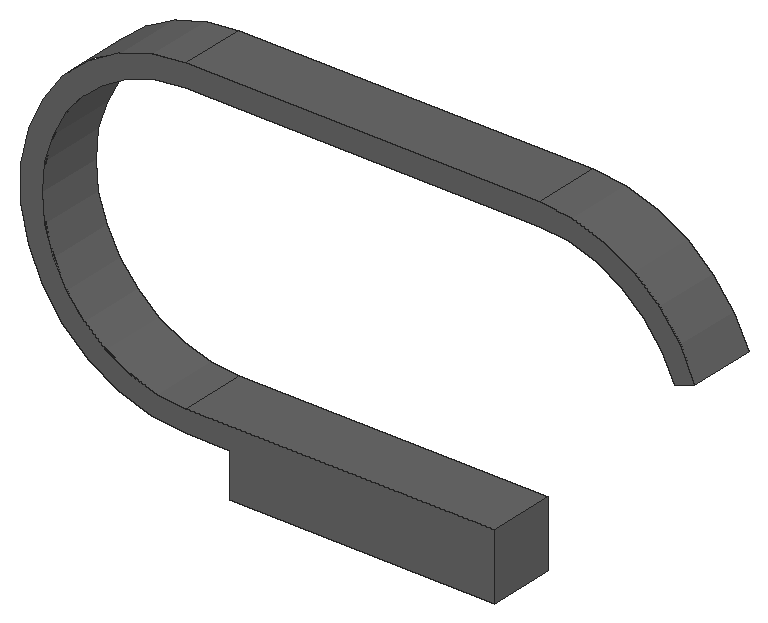
Revit family "Grohe_ToiletRollHolder_Selection_41220KF0", category Plumbing Fixtures, host Face, Revit 2019
Family settings
  Host = Face
  Round Connector Dimension = Use Diameter
  Part Type = Normal
  OmniClass Number = 23.45.05.00
  OmniClass Title = Sanitary Equipment
  Cut with Voids When Loaded = No
  Shared = No
  Room Calculation Point = No
Parameters (values of type "SELECTION Toilet Roll Holder (41220KF0)")
  _ObjectUserGuide = "https://www.bimstore.co/products/grohe-41220KF0/document/object-user-guide"
  _DistributedBy = "https://www.bimstore.co/"
  _CurrentRevision = 1
  _CreatedBy = "https://www.bimstore.co/"
  _BimSpecGuid = 0
  _BSBibleVersion = 17
  _AuthorizedBy = "bimstore"
  _Author = "AM 147"
  Waste Connection = no
  WarrantyStartDate [instance] = "Please Record On Commissioning."
  WarrantyGuarantorParts = "info-uk@grohe.com"
  WarrantyGuarantorLabor = "info-uk@grohe.com"
  WarrantyDurationUnit = "Years"
  WarrantyDurationParts = "0"
  WarrantyDurationLabor = "0"
  WarrantyDescription = "n/a"
  Vent Connection = no
  URL = "https://www.grohe.co.uk/"
  TypeName = "SELECTION Toilet Roll Holder (41220KF0)"
  Type Comments = "SELECTION Toilet Roll Holder (41220KF0)"
  TPIDocumentLink = "https://cdn.cloud.grohe.com/tpi/2000/2100/2170/2171/2171289/original/2171289.pdf"
  SustainabilityReport = "green.grohe.com/reporting"
  SustainabilityAward = "green.grohe.com/awards"
  SpareParts = "info-uk@grohe.com"
  Size = "n/a"
  Shape = "n/a"
  SerialNumber [instance] = "Please Record On Commissioning."
  ReplacementCost = "n/a"
  ReferencedStandard = "n/a"
  ProductionYear = "2023"
  ProductType = "Accessory Bath"
  ProductShortText = "Toilet roll holder"
  ProductPageURL = "https://www.grohe.co.uk/en_gb/-41220KF0.html"
  ProductNumber = "41220KF0"
  ProductDescription = "without cover\r\r\nmaterial: metal\r\r\nwall mounted\r\r\nconcealed fastening\r\r\nGROHE Long-Life Shine finish"
  PrimaryMaterial = Grohe_MattBlack
  PQDiagramLink = "n/a"
  NominalLength = 0.0 mm
  NominalHeight = 0.0 mm
  NominalDepth = 0.0 mm
  NBSReference = "45-35-72/368"
  NBSOfficeMasterTag = "n/a"
  NBSObjectName = "Grohe - Toilet roll holders"
  NBSNote = "n/a"
  NBSDescription = "Toilet roll holders"
  ModelReference = "SELECTION Toilet Roll Holder (41220KF0)"
  ModelNumber = "41220KF0"
  Model = "SELECTION Toilet Roll Holder (41220KF0)"
  Material = "n/a"
  ManufacturerName = "Grohe"
  Manufacturer = "Grohe"
  Keynote = "N13"
  InstallationDate [instance] = "Please Record On Commissioning."
  IfcExportType = "IfcPipeFittingType"
  IfcExportAs = "IfcPipeFitting"
  HW Connection = no
  Grade = "n/a"
  GROHESustainability = "green.grohe.com"
  GROHESocialCommittment = "green.grohe.com/social_engagement"
  FullRecyclabilityOfPlastic = "All plastic components are fully recyclable"
  Finish = "n/a"
  Features = "n/a"
  ExpectedLife = 0
  Ecojoy = no
  EF024494 = "FALSE"
  EF024463 = "Round"
  EF024225 = "FALSE"
  EF024008 = "FALSE"
  EF023686 = "Black"
  EF022280 = "TRUE"
  EF022116 = "Flat rod"
  EF006243 = "not relevant"
  EF006009 = "TRUE"
  EF005870 = "FALSE"
  EF003454 = "FALSE"
  EF002169 = "Other"
  EF001438 = 0.0 mm
  EF000139 = "Lacquered"
  EF000049 = 85.0 mm
  EF000040 = 15.0 mm
  EF000007 = "Other"
  DurationUnit = "Years"
  DocumentationTechnical = "https://www.bimstore.co/products/grohe-41220KF0/document/technical-data-sheet"
  DocumentationMaintenance = "https://www.bimstore.co/products/grohe-41220KF0/document/maintenance-information"
  DocumentationLiterature = "https://www.bimstore.co/products/grohe-41220KF0/document/product-literature"
  DocumentationInstallationGuide = "https://www.bimstore.co/products/grohe-41220KF0/document/installation-guide"
  DocumentationCertificates = "https://www.bimstore.co/products/grohe-41220KF0/document/product-certificates"
  DimensionsDocumentLink = "https://cdn.cloud.grohe.com/dimdraw/100000/100000/100000/100100/100150/100153/100153936/1280/100153936.jpg"
  Description = "SELECTION Toilet Roll Holder (41220KF0)"
  Default Elevation = 0.0 mm
  CreatedOn = "2023-03-01T09:00:00"
  CreatedBy = "info-uk@grohe.com"
  CradleToCradleCertification = "n/a"
  Cost = 0
  Constituents = "n/a"
  Color = "Matt Black"
  CodePerformance = "n/a"
  ClassificationValue = "Pr_40_20_76_88"
  ClassificationName = "Uniclass2015"
  CW Connection = no
  CO2NeutralProduction = "GROHE is one of the first leading manufacturer within the sanitary industry having a CO2-neutral production."
  BarCode [instance] = "Please Record On Commissioning."
  BIMObjectName = "Grohe_ToiletRollHolder_Selection_41220KF0"
  AssetType = "Fixed"
  AssetIdentifier [instance] = "n/a"
  Assembly Code = "D2010"
  AccessibilityPerformance = "n/a"
Reference planes
  plane 1 "Center (Front/Back)": y = 0
  plane 2: z = 0
  plane 3 "Center (Left/Right)": x = 0
Forms (mm)
  Extrusion 1, solid, material "Grohe_MattBlack" <- "PrimaryMaterial"
    sketch origin (-0.09, 0, 0) x (1, 0, 0) y (0, 0, 1)
      loop
        line (30.09, 15) -> (-39.839, 15)
        arc (-39.839, 15) -> (-72.339, 47.5) -> (-39.839, 80) r 32.5
        line (-39.839, 80) -> (40.15, 80)
        arc (40.15, 80) -> (58.791, 74.122) -> (70.69, 58.616) r 32.5
        line (70.69, 58.616) -> (75.388, 60.326)
        arc (75.388, 60.326) -> (61.659, 78.218) -> (40.15, 85) r 37.5
        line (40.15, 85) -> (-39.839, 85)
        arc (-39.839, 85) -> (-77.339, 47.5) -> (-39.839, 10) r 37.5
        line (-39.839, 10) -> (30.09, 10) -> (30.09, 15)
    from -7.5 to 7.5
  Extrusion 2, solid, material "Grohe_MattBlack" <- "PrimaryMaterial"
    sketch origin (-0.09, 0, 0) x (1, 0, 0) y (0, 0, 1)
      loop
        line (30.09, 10) -> (-29.91, 10) -> (-29.91, 0) -> (30.09, 0) -> (30.09, 10)
    from -7.5 to 7.5
Cuts and joins
  joined: Extrusion 1, Extrusion 2
Dimensions and locks
  aligned and locked: plane 2 to host face
  aligned and locked: level to host face
